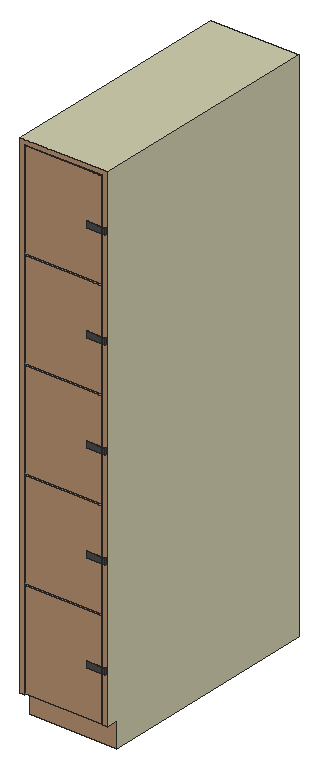
Revit family "Cabinet_Wenger_UltraStor_24", category Furniture, Revit 2015
Parameters (values of type "UltraStor Cabinet #24 - Comp Wood Doors")
  URL = "https://www.wengercorp.com/"
  Type Comments = ""
  Specification = "http://www.arcat.com/sdspecs/htm04/12_35_83wen.htm"
  Shelf Thickness = 0' - 1 1/8"
  Sales Information = "https://www.wengercorp.com/contact-us.php"
  Revision = "R1_2018-04"
  Rear Panel Thickness = 0' - 0 3/4"
  Product Data = "http://www.arcat.com/arcatcos/cos36/arc36487.html"
  Manufacturer Website = "https://www.wengercorp.com/"
  Manufacturer Phone - Toll Free = "800-4WENGER"
  Manufacturer Phone = "(507) 455-4100"
  Manufacturer Fax = "(507) 455-4258"
  Manufacturer Address = "555 Park Dr., Owatonna, MN 55060"
  Keynote = "12 35 83"
  HasDoors = yes
  Green Building-LEED = "http://www.arcat.com/green/clients/leed_data_36487.html"
  Drawn By = "Sumex Design, Inc. / Robert S. Weygant, CSI, CDT, SCIP"
  Door Width = (Cabinet Width - 0' 1 1/2")  # 1' - 0 7/8"
  Door Style = Door_Base : Solid Door
  Door Material [instance] = Wenger Cherry (Use Cherry Edge Band Only)
  Toe Kick Material [instance] = Wenger Cherry (Use Cherry Edge Band Only)
  RH End Panel [instance] = no
  Model = "#24"
  Manufacturer = "Wenger Corporation"
  LH End Panel [instance] = no
  End Panel Material [instance] = Wenger Cherry (Use Cherry Edge Band Only)
  Edge Banding Material [instance] = Wenger Cherry (Use Cherry Edge Band Only)
  Door Height = (Cabinet Height - 0' 4 3/4") / 5  # 1' - 4.175"
  Cost = 0
  Copyright = "© 2018 Arcat Inc."
  Construction Details = "http://www.arcat.com/details/wengerco/wengerco.html?coid=36487"
  Body Material [instance] = Wenger - Oyster
  Description = "Wenger UltraStor Cabinet #24 - Comp Wood Doors"
  Cabinet Width = 1' - 2 3/8"
  Cabinet Height = 7' - 1 5/8"
  Installed Depth = 3' - 3 1/4"
  Cabinet Panel Thickness = 0' - 0 3/4"
  Assembly Code = "E2010200"
Types (14): name | Rear Panel Thickness | HasDoors | Door Width | Door Style | Door Material | Model | Description | Cabinet Width | Installed Depth
  Acoustic Cabinet #24 - No Doors | 0' - 3 1/4" | no | 1' - 0 7/8" | Door_Base : Solid Door | none | "#24A" | "Wenger Acoustic Cabinet #24 - No Doors" | 1' - 2 3/8" | 3' - 5 3/4"
  Narrow Acoustic Cabinet #24 - No Doors | 0' - 3 1/4" | no | 0' - 9 7/8" | Door_Base : Solid Door | none | "#24NA" | "Wenger Narrow Acoustic Cabinet #24 - No Doors" | 0' - 11 3/8" | 3' - 5 3/4"
  Acoustic Cabinet #24 - Comp Grille Doors | 0' - 3 1/4" | yes | 1' - 0 7/8" | Door_Base : Bars | Painted Black | "#24A" | "Wenger Acoustic Cabinet #24 - Comp Grille Doors" | 1' - 2 3/8" | 3' - 5 3/4"
  Acoustic Cabinet #24 - Comp Waterfall Grille Doors | 0' - 3 1/4" | yes | 1' - 0 7/8" | Door_Base : Waterfall | Painted Black | "#24A" | "Wenger Acoustic Cabinet #24 - Comp Waterfall Grille Doors" | 1' - 2 3/8" | 3' - 5 3/4"
  Narrow Acoustic Cabinet #24 - Comp Waterfall Grille Doors | 0' - 3 1/4" | yes | 0' - 9 7/8" | Door_Base : Waterfall | Painted Black | "#24NA" | "Wenger Narrow Acoustic Cabinet #24 - Comp Waterfall Grille Doors" | 0' - 11 3/8" | 3' - 5 3/4"
  Narrow Acoustic Cabinet #24 - Comp Grille Doors | 0' - 3 1/4" | yes | 0' - 9 7/8" | Door_Base : Bars | Painted Black | "#24NA" | "Wenger Narrow Acoustic Cabinet #24 - Comp Grille Doors" | 0' - 11 3/8" | 3' - 5 3/4"
  Narrow UltraStor Cabinet #24 - No Doors | 0' - 0 3/4" | no | 0' - 9 7/8" | Door_Base : Solid Door | none | "#24N" | "Wenger Narrow Cabinet #24 - No Doors" | 0' - 11 3/8" | 3' - 3 1/4"
  UltraStor Cabinet #24 - Comp Wood Doors | 0' - 0 3/4" | yes | 1' - 0 7/8" | Door_Base : Solid Door | Wenger Cherry (Use Cherry Edge Band Only) | "#24" | "Wenger UltraStor Cabinet #24 - Comp Wood Doors" | 1' - 2 3/8" | 3' - 3 1/4"
  UltraStor Cabinet #24 - No Doors | 0' - 0 3/4" | no | 1' - 0 7/8" | Door_Base : Solid Door | none | "#24" | "Wenger UltraStor Cabinet #24 - No Doors" | 1' - 2 3/8" | 3' - 3 1/4"
  UltraStor Cabinet #24 - Comp Waterfall Grille Doors | 0' - 0 3/4" | yes | 1' - 0 7/8" | Door_Base : Waterfall | Painted Black | "#24" | "Wenger UltraStor Cabinet #24 - Comp Waterfall Grille Doors" | 1' - 2 3/8" | 3' - 3 1/4"
  Narrow UltraStor Cabinet #24 - Comp Wood Doors | 0' - 0 3/4" | yes | 0' - 9 7/8" | Door_Base : Solid Door | Wenger Cherry (Use Cherry Edge Band Only) | "#24N" | "Wenger Narrow Cabinet #24 - Comp Wood Doors" | 0' - 11 3/8" | 3' - 3 1/4"
  UltraStor Cabinet #24 - Comp Grille Doors | 0' - 0 3/4" | yes | 1' - 0 7/8" | Door_Base : Bars | Painted Black | "#24" | "Wenger UltraStor Cabinet #24 - Comp Grille Doors" | 1' - 2 3/8" | 3' - 3 1/4"
  Narrow UltraStor Cabinet #24 - Comp Waterfall Grille Doors | 0' - 0 3/4" | yes | 0' - 9 7/8" | Door_Base : Waterfall | Painted Black | "#24N" | "Wenger Narrow Cabinet #24 - Comp Waterfall Grille Doors" | 0' - 11 3/8" | 3' - 3 1/4"
  Narrow UltraStor Cabinet #24 - Comp Grille Doors | 0' - 0 3/4" | yes | 0' - 9 7/8" | Door_Base : Bars | Painted Black | "#24N" | "Wenger Narrow Cabinet #24 - Comp Grille Doors" | 0' - 11 3/8" | 3' - 3 1/4"
Reference planes (in)
  plane 1 "Front": y = 0
  plane 2: z = 0
  plane 3 "Left": x = 0
  plane 4 "Right": x = 14.375
  plane 5 "Back": y = 39.25
  plane 6 "Top": z = 85.625
  plane 7: z = 4
  plane 8: z = 20.175
  plane 9: z = 36.35
  plane 10: z = 52.525
  plane 11: z = 68.7
  plane 12: x = 0.75
  plane 13: x = 13.625
  plane 14: z = 84.875
  plane 15: x = 7.1875
  plane 16: y = 38.5
  plane 17: y = 2
  plane 18: y = 0.75
  plane 19: z = 21.3
  plane 20: z = 37.475
  plane 21: z = 53.65
  plane 22: z = 69.825
  plane 23: z = 5.125
Forms (in)
  Extrusion 1, solid, material "Wenger - Oyster" <- "Body Material"
    sketch origin (0, 0, 0) x (0, 1, 0) y (0, 0, 1)
      loop
        line (0, 85.625) -> (0, 4) -> (2, 4) -> (2, 0) -> (39.25, 0) -> (39.25, 85.625) -> (0, 85.625)
    from 0 to 14.375
  Extrusion 2, void
    sketch origin (0, 0, 0) x (0, 1, 0) y (0, 0, 1)
      loop
        line (-5.5, 84.875) -> (-5.5, 4) -> (0.75, 4)
        arc (0.75, 4) -> (1.15915, 4.80234) -> (2, 5.125) r 1.25694
        line (2, 5.125) -> (38.5, 5.125) -> (38.5, 20.175) -> (0.75, 20.175)
        arc (0.75, 20.175) -> (1.18296, 20.95088) -> (2, 21.3) r 1.375
        line (2, 21.3) -> (38.5, 21.3) -> (38.5, 36.35) -> (0.75, 36.35)
        arc (0.75, 36.35) -> (1.18296, 37.12588) -> (2, 37.475) r 1.375
        line (2, 37.475) -> (38.5, 37.475) -> (38.5, 52.525) -> (0.75, 52.525)
        arc (0.75, 52.525) -> (1.18296, 53.30088) -> (2, 53.65) r 1.375
        line (2, 53.65) -> (38.5, 53.65) -> (38.5, 68.7) -> (0.75, 68.7)
        arc (0.75, 68.7) -> (1.18296, 69.47588) -> (2, 69.825) r 1.375
        line (2, 69.825) -> (38.5, 69.825) -> (38.5, 84.875) -> (-5.5, 84.875)
    from 0.75 to 13.625
  Extrusion 3, void
    sketch origin (0, 0, 0) x (0, 1, 0) y (0, 0, 1)
      loop
        line (0, 84.875) -> (0, 4) -> (0.0625, 4) -> (0.0625, 84.875) -> (0, 84.875)
    from 0.75 to 13.625
Cuts and joins
  Extrusion 2, Extrusion 3 cuts Extrusion 1
Lines and regions (in)
  Masking region 1
    outline origin (0, 0, 0) x (1, 0, 0) y (0, 1, 0)
      loop
        line (0, 39.25) -> (0, 0) -> (14.375, 0) -> (14.375, 39.25) -> (0, 39.25)
Dimensions and locks (in)
  "Cabinet Panel Thickness": plane 3 "Left" to plane 12
  "Cabinet Panel Thickness": plane 13 to plane 4 "Right"
  "Cabinet Panel Thickness": plane 5 "Back" to plane 16
  locked: plane 1 "Front" to plane 18 at 0.75
  locked: plane 1 "Front" to plane 17 at 2
  "Shelf Thickness": plane 19 to plane 8
  "Shelf Thickness": plane 20 to plane 9
  "Shelf Thickness": plane 21 to plane 10
  "Shelf Thickness": plane 22 to plane 11
  "Cabinet Panel Thickness": plane 6 "Top" to plane 14
  equal spacing: plane 14, plane 11, plane 10, plane 9, plane 8, plane 7
  "Shelf Thickness": plane 23 to plane 7
  "Cabinet Width": plane 3 "Left" to plane 4 "Right"
  locked: plane 7 to level at 4
  "Cabinet Height": plane 6 "Top" to level
  "Installed Depth": plane 1 "Front" to plane 5 "Back"
  plane 3 "Left" to plane 4 "Right" = 1' - 2 3/8"
  equal spacing: plane 5 "Back", nested 2, plane 1 "Front"
  equal spacing: plane 12, plane 15, plane 13
  aligned and locked: Extrusion 1 sketch curve to plane 6 "Top"
  aligned and locked: Extrusion 1 sketch curve to plane 5 "Back"
  aligned and locked: Extrusion 1 sketch curve to plane 1 "Front"
  aligned and locked: Extrusion 1 sketch curve to plane 7
  aligned and locked: Extrusion 1 sketch curve to plane 17
  aligned and locked: Extrusion 1 sketch curve to level
  aligned and locked: Extrusion 1 to plane 4 "Right"
  aligned and locked: Extrusion 1 to plane 3 "Left"
  aligned and locked: Extrusion 2 sketch curve to plane 14
  aligned and locked: Extrusion 2 sketch curve to plane 16
  aligned and locked: Extrusion 2 sketch curve to plane 11
  aligned and locked: Extrusion 2 sketch curve to plane 21
  aligned and locked: Extrusion 2 sketch curve to plane 10
  aligned and locked: Extrusion 2 sketch curve to plane 20
  aligned and locked: Extrusion 2 sketch curve to plane 9
  aligned and locked: Extrusion 2 sketch curve to plane 19
  aligned and locked: Extrusion 2 sketch curve to plane 8
  aligned and locked: Extrusion 2 sketch curve to plane 23
  aligned and locked: Extrusion 2 sketch curve to plane 22
  aligned and locked: Extrusion 2 to plane 12
  aligned and locked: Extrusion 3 sketch curve to cut or joined group of Extrusion 1, Extrusion 2, Extrusion 3  (x3)
  aligned and locked: Extrusion 3 to plane 13
  aligned and locked: Extrusion 3 to plane 12
  aligned and locked: nested 3 to plane 12
  aligned and locked: nested 3 to plane 11
  aligned and locked: plane 14 to nested 3
  aligned and locked: plane 11 to cut or joined group of Extrusion 1, Extrusion 2, Extrusion 3
  aligned and locked: plane 11 to nested 4
  aligned and locked: nested 4 to plane 10
  aligned and locked: plane 10 to nested 5
  aligned and locked: nested 5 to plane 9
  aligned and locked: plane 9 to nested 6
  aligned and locked: nested 6 to plane 8
  aligned and locked: plane 8 to nested 7
  aligned and locked: nested 4 to plane 12
  aligned and locked: nested 5 to plane 12
  aligned and locked: nested 6 to plane 12
  aligned and locked: nested 7 to plane 12
  aligned and locked: plane 7 to cut or joined group of Extrusion 1, Extrusion 2, Extrusion 3
  aligned and locked: nested 7 to plane 7
  aligned and locked: plane 18 to Extrusion 2 sketch curve
  aligned and locked: plane 1 "Front" to nested 8
  aligned and locked: nested 8 to level
  aligned and locked: nested 8 to plane 4 "Right"
  aligned and locked: Masking region 1 sketch curve to plane 5 "Back"
  aligned and locked: Masking region 1 sketch curve to plane 1 "Front"
  aligned and locked: plane 3 "Left" to Masking region 1 sketch curve
  aligned and locked: plane 4 "Right" to Masking region 1 sketch curve
  aligned and locked: cut or joined group of Extrusion 1, Extrusion 2, Extrusion 3 to plane 13
  aligned and locked: plane 15 to nested 2
Automatic sketch dimensions
  plane 18 to Extrusion 3 sketch curve = 0' - 0 11/16"
  Extrusion 2 sketch curve to plane 7 = 0' - 0"
  Extrusion 2 sketch curve to plane 18 = 0' - 0"  (x4)
  Extrusion 2 sketch curve to plane 17 = 0' - 0"  (x5)
  Extrusion 2 sketch curve to plane 16 = 0' - 0"  (x4)
  plane 1 "Front" to Extrusion 2 sketch curve = 0' - 5 1/2"
  Extrusion 2 sketch curve to plane 17 = 0' - 0.10279"  (x4)
Nested families (in)
  nested 1: "End Panel" at (0, 24.25, 0) x (0, -1, 0) z (0, 0, 1), End Panel Material <- "End Panel Material", visible <- "LH End Panel", Edge Banding Material <- "Edge Banding Material", type "End Panel"
    with End Panel Material Wenger Cherry (Use Cherry Edge Band Only), Edge Banding Material Wenger Cherry (Use Cherry Edge Band Only), End Panel Depth 3' - 3 1/4"
  nested 2: "Labels" at (7.1875, 19.625, 0), type "Labels"
  nested 3: "Door_Base" at (7.1875, 0, 68.7) x (1, 0, 0) z (0, -1, 0), type <- "Door Style", Height <- "Door Height", Width <- "Door Width", visible <- "HasDoors", type "Solid Door", detail levels medium+fine
    with vBars 11, Width 1' - 0 7/8", ToeKick Height 0' - 4", MidBar no, Height 1' - 4.175", BarHt 1' - 3.675", 2HzBars no
  nested 4: "Door_Base" at (7.1875, 0, 52.525) x (1, 0, 0) z (0, -1, 0), type <- "Door Style", Height <- "Door Height", Width <- "Door Width", visible <- "HasDoors", type "Solid Door", detail levels medium+fine
    with vBars 11, Width 1' - 0 7/8", ToeKick Height 0' - 4", MidBar no, Height 1' - 4.175", BarHt 1' - 3.675", 2HzBars no
  nested 5: "Door_Base" at (7.1875, 0, 36.35) x (1, 0, 0) z (0, -1, 0), type <- "Door Style", Height <- "Door Height", Width <- "Door Width", visible <- "HasDoors", type "Solid Door", detail levels medium+fine
    with vBars 11, Width 1' - 0 7/8", ToeKick Height 0' - 4", MidBar no, Height 1' - 4.175", BarHt 1' - 3.675", 2HzBars no
  nested 6: "Door_Base" at (7.1875, 0, 20.175) x (1, 0, 0) z (0, -1, 0), type <- "Door Style", Height <- "Door Height", Width <- "Door Width", visible <- "HasDoors", type "Solid Door", detail levels medium+fine
    with vBars 11, Width 1' - 0 7/8", ToeKick Height 0' - 4", MidBar no, Height 1' - 4.175", BarHt 1' - 3.675", 2HzBars no
  nested 7: "Door_Base" at (7.1875, 0, 4) x (1, 0, 0) z (0, -1, 0), type <- "Door Style", Height <- "Door Height", Width <- "Door Width", visible <- "HasDoors", type "Solid Door", detail levels medium+fine
    with vBars 11, Width 1' - 0 7/8", ToeKick Height 0' - 4", MidBar no, Height 1' - 4.175", BarHt 1' - 3.675", 2HzBars no
  nested 8: "End Panel" at (15.125, 24.25, 0) x (0, -1, 0) z (0, 0, 1), End Panel Material <- "End Panel Material", Edge Banding Material <- "Edge Banding Material", visible <- "RH End Panel", type "End Panel"
    with End Panel Material Wenger Cherry (Use Cherry Edge Band Only), Edge Banding Material Wenger Cherry (Use Cherry Edge Band Only), End Panel Depth 3' - 3 1/4"
Definition of nested family "End Panel"
  Parameters (values of type "End Panel")
    End Panel Material [instance] = none
    End Panel Height = 7' - 1 5/8"
    End Panel Depth = 1' - 9 3/4"
    Edge Banding Material [instance] = none
    Default Elevation = 4' - 0"
    Assembly Code = ""
  Reference planes (in)
    plane 1 "Center (Front/Back)": y = 0
    plane 2: z = 0
    plane 3 "Center (Left/Right)": x = 0
    plane 4: x = -15
    plane 5: x = 6.75
    plane 6: z = 4
    plane 7: x = 4.75
    plane 8: z = 85.625
    plane 9: y = -0.75
  Forms (in)
    Extrusion 1, solid, material <- "End Panel Material"
      sketch origin (0, 0, 0) x (1, 0, 0) y (0, 0, 1)
        loop
          line (-15, 85.625) -> (-15, 0) -> (4.75, 0) -> (4.75, 4) -> (6.75, 4) -> (6.75, 85.625) -> (-15, 85.625)
      from 0 to 0.75
  Lines and regions (in)
    Masking region 1, detail levels coarse+medium
      outline origin (0, 0, 0) x (1, 0, 0) y (0, 1, 0)
        loop
          line (-15, 0) -> (-15, -0.75) -> (6.75, -0.75) -> (6.75, 0) -> (-15, 0)
  Dimensions and locks (in)
    locked: plane 7 to plane 5 at 2
    locked: plane 6 to level at 4
    "End Panel Height": plane 8 to level
    "End Panel Depth": plane 5 to plane 4
    locked: plane 9 to plane 1 "Center (Front/Back)" at 0.75
    aligned and locked: plane 4 to Extrusion 1 sketch curve
    aligned and locked: level to Extrusion 1 sketch curve
    aligned and locked: plane 7 to Extrusion 1 sketch curve
    aligned and locked: plane 6 to Extrusion 1 sketch curve
    aligned and locked: Extrusion 1 sketch curve to plane 5
    aligned and locked: Extrusion 1 sketch curve to plane 8
    aligned and locked: Extrusion 1 to plane 9
    aligned and locked: Extrusion 1 to plane 1 "Center (Front/Back)"
    aligned and locked: plane 4 to Masking region 1 sketch curve
    aligned and locked: Masking region 1 sketch curve to plane 5
    aligned and locked: plane 1 "Center (Front/Back)" to Masking region 1 sketch curve
    aligned and locked: plane 9 to Masking region 1 sketch curve
Definition of nested family "Door_Base"
  Parameters (values of type "None")
    vBars [instance] = (Width - 0' 2") / 0' 1"  # 6
    Width [instance] = 0' - 8"
    ToeKick Height [instance] = 0' - 4"
    Thickness = 0' - 0 3/4"
    Solid Door = no
    Shelf Thickness = 0' - 0 3/4"
    Panel Thickness = 0' - 0 3/4"
    MidBar [instance] = and(Height < 1' 6", HasDoor, not(Solid Door))  # no
    Height [instance] = 1' - 2 5/8"
    HasDoor = no
    Edge Banding = none
    DoorGap = 0' - 0 1/8"
    Door Finish = none
    Depth = 2' - 0"
    Default Elevation = 4' - 0"
    Bars = no
    BarStyle = Bars : Waterfall
    BarHt [instance] = Height - 0' 0 1/2"  # 1' - 2 1/8"
    2HzBars [instance] = and(Height > 1' 6", not(Solid Door))  # no
  Types (4): name | Thickness | Solid Door | MidBar | HasDoor | Bars | BarStyle
    Solid Door | 0' - 0 3/4" | yes | no | yes | no | Bars : Waterfall
    Bars | 0' - 0 1/4" | no | yes | yes | yes | Bars : Straight
    Waterfall | 0' - 0 3/4" | no | yes | yes | yes | Bars : Waterfall
    None | 0' - 0 3/4" | no | no | no | no | Bars : Waterfall
  Reference planes (in)
    plane 1 "Center (Front/Back)": y = 0
    plane 2: z = 0
    plane 3 "Center (Left/Right)": x = 0
    plane 4: x = -4
    plane 5: y = 14.625
    plane 6: x = 4
    plane 7: z = -0.75
    plane 8: x = -3.875
    plane 9: x = 3.875
    plane 10: y = 0.125
    plane 11: y = 14.5
    plane 12: y = -0.75
    plane 13 "CL Elev": y = 7.3125
    plane 14: x = -3.75
    plane 15: x = 3.75
    plane 16 "BtmRail": y = 0.25
    plane 17: y = 14.375
    plane 18: z = -0.125
    plane 19: x = -2.75
    plane 20: x = 2.75
    plane 21: y = 9.66667
    plane 22: y = 4.95833
  Forms (in)
    Extrusion 1, solid, material <- "Door Finish", visible <- "Solid Door", detail levels medium+fine
      sketch origin (0, 0, 0) x (1, 0, 0) y (0, 1, 0)
        loop
          arc (-3.75, 14.5) -> (-3.83839, 14.46339) -> (-3.875, 14.375) r 0.125
          line (-3.875, 14.375) -> (-3.875, 0.25)
          arc (-3.875, 0.25) -> (-3.83839, 0.16161) -> (-3.75, 0.125) r 0.125
          line (-3.75, 0.125) -> (3.75, 0.125)
          arc (3.75, 0.125) -> (3.83839, 0.16161) -> (3.875, 0.25) r 0.125
          line (3.875, 0.25) -> (3.875, 14.375)
          arc (3.875, 14.375) -> (3.83839, 14.46339) -> (3.75, 14.5) r 0.125
          line (3.75, 14.5) -> (-3.75, 14.5)
      from 0 to -0.75
    Sweep 2, solid, material <- "Door Finish", visible <- "Bars", detail levels medium+fine
      path origin (0, 0, 0) x (1, 0, 0) y (0, 1, 0)
        loop
          arc (-3.125, 14.5) -> (-3.65533, 14.28033) -> (-3.875, 13.75) r 0.75
          line (-3.875, 13.75) -> (-3.875, 0.875)
          arc (-3.875, 0.875) -> (-3.65533, 0.34467) -> (-3.125, 0.125) r 0.75
          line (-3.125, 0.125) -> (3.125, 0.125)
          arc (3.125, 0.125) -> (3.65533, 0.34467) -> (3.875, 0.875) r 0.75
          line (3.875, 0.875) -> (3.875, 13.75)
          arc (3.875, 13.75) -> (3.65533, 14.28033) -> (3.125, 14.5) r 0.75
          line (3.125, 14.5) -> (-3.125, 14.5)
      profile origin (0, 14.5, 0) x (0, 1, 0) y (0, 0, 1)
        loop
          circle (-0.125, -0.125) r 0.125
    Extrusion 3, solid, material <- "Door Finish", visible <- "MidBar", detail levels medium+fine
      sketch origin (0, 0, 0) x (0, 1, 0) y (0, 0, 1)
        loop
          circle (7.3125, -0.125) r 0.125
      from -3.75 to 3.75
    Extrusion 4, solid, visible <- "HasDoor", detail levels fine
      sketch origin (0, 0, 0) x (1, 0, 0) y (0, 1, 0)
        loop
          line (1.5, 7.8125) -> (1.5, 6.8125) -> (4.5, 6.8125) -> (4.5, 7.8125) -> (1.5, 7.8125)
      from 0 to 0.125
    Extrusion 5, solid, material <- "Door Finish", visible <- "2HzBars", detail levels medium+fine
      sketch origin (0, 0, 0) x (0, 1, 0) y (0, 0, 1)
        loop
          circle (9.66667, -0.125) r 0.125
        loop
          circle (4.95833, -0.125) r 0.125
      from -3.75 to 3.75
  Lines and regions (in)
    symbolic lines, visible <- "HasDoor", detail levels medium+fine
      curve 1: line (4, 0.25, 0) -> (-4, 0.25, 0)
      curve 2: line (-4, 0.25, 0) -> (-4, 0.25, 8)
      curve 3: arc (4, 0.25, 0) -> (1.65685, 0.25, 5.65685) -> (-4, 0.25, 8) r 8
    symbolic lines, visible <- "HasDoor"
      curve 4: line (3.875, 0.25, 0) -> (3.875, 0.25, -0.75)
      curve 5: line (3.875, 0.25, -0.75) -> (-3.875, 0.25, -0.75)
      curve 6: line (-3.875, 0.25, -0.75) -> (-3.875, 0.25, 0)
    symbolic lines, detail levels medium
      curve 7: line (3.875, 14.5, 0) -> (-3.875, 7.3125, 0)
      curve 8: line (-3.875, 7.3125, 0) -> (3.875, 0.125, 0)
  Dimensions and locks (in)
    "Height": plane 1 "Center (Front/Back)" to plane 5
    "Thickness": level to plane 7
    equal spacing: plane 4, plane 3 "Center (Left/Right)", plane 6
    "Width": plane 4 to plane 6
    "DoorGap": plane 5 to plane 11
    "DoorGap": plane 9 to plane 6
    "DoorGap": plane 4 to plane 8
    "DoorGap": plane 1 "Center (Front/Back)" to plane 10
    "Shelf Thickness": plane 1 "Center (Front/Back)" to plane 12
    equal spacing: plane 1 "Center (Front/Back)", plane 13 "CL Elev", plane 5
    locked: plane 15 to plane 9 at 0.125
    locked: plane 8 to plane 14 at 0.125
    locked: plane 11 to plane 17 at 0.125
    locked: plane 16 "BtmRail" to plane 10 at 0.125
    locked: level to plane 18 at 0.125
    plane 19 to plane 14 = 0' - 1"
    locked: plane 15 to plane 20 at 1
    Extrusion 4 sketch curve to plane 13 "CL Elev" to Extrusion 4 sketch curve = 0' - 0 1/2" locked, 0' - 0 1/2" locked
    locked: plane 6 to Extrusion 4 sketch curve at 0.5
    locked: Extrusion 4 sketch curve to plane 6 at 2.5
    locked: Extrusion 4 to level at 0.125
    equal spacing: group 1, group 3, group 4, group 5, group 6, group 2  (x3)
    equal spacing: plane 17, plane 21, plane 22, plane 16 "BtmRail"
    "Width": radius of curve 3
    aligned and locked: plane 2 to level
    aligned and locked: Extrusion 1 sketch curve to plane 11
    aligned and locked: plane 8 to Extrusion 1 sketch curve
    aligned and locked: Extrusion 1 sketch curve to plane 9
    aligned and locked: plane 10 to Extrusion 1 sketch curve
    aligned and locked: Extrusion 1 to plane 7
    aligned and locked: level to Extrusion 1
    aligned and locked: Sweep 2 sketch curve to plane 11
    aligned and locked: plane 8 to Sweep 2 sketch curve
    aligned and locked: plane 10 to Sweep 2 sketch curve
    aligned and locked: Sweep 2 sketch curve to plane 9
    aligned and locked: plane 15 to Extrusion 3
    aligned and locked: Extrusion 3 to plane 14
    aligned and locked: plane 20 to nested 2
    aligned and locked: plane 19 to nested 1
    aligned and locked: plane 21 to Extrusion 5 sketch curve
    aligned and locked: plane 18 to Extrusion 5 sketch curve  (x2)
    aligned and locked: plane 22 to Extrusion 5 sketch curve
    aligned and locked: Extrusion 5 to Extrusion 3  (x2)
    aligned and locked: plane 4 to curve 3  (x2)
    aligned and locked: level to curve 3
    aligned and locked: plane 7 to curve 5
    aligned and locked: Extrusion 1 to plane 8
    aligned and locked: plane 9 to Extrusion 1
    aligned and locked: plane 10 to curve 8
    aligned and locked: plane 9 to curve 8
    aligned and locked: plane 13 "CL Elev" to curve 8
    aligned and locked: plane 11 to curve 7
    aligned and locked: plane 9 to curve 7
  Automatic sketch dimensions
    plane 8 to Sweep 2 sketch curve = 0' - 0 3/4"  (x2)
    Sweep 2 sketch curve to plane 9 = 0' - 0 3/4"
    Sweep 2 sketch curve to Sweep 2 sketch curve = 0' - 0 3/4"
    Sweep 2 sketch curve to level = 0' - 0 1/8"
    profile plane to Sweep 2 sketch curve = 0' - 0 1/8"
    Extrusion 3 sketch curve to level = 0' - 0 1/8"
    Extrusion 3 sketch curve to plane 13 "CL Elev" = 0' - 0"
    curve 8 to plane 8 = 0' - 0"
    Extrusion 1 sketch curve to plane 14 = 0' - 0"  (x2)
    Extrusion 1 sketch curve to plane 15 = 0' - 0"  (x2)
    curve 5 to plane 9 = 0' - 0"
    curve 6 to plane 8 = 0' - 0"
    radius of Sweep 2 sketch curve = 0' - 0 1/8"
    radius of Extrusion 3 sketch curve = 0' - 0 1/8"
    radius of Extrusion 5 sketch curve = 0' - 0 1/8"  (x2)
  Nested families (in)
    nested 1: "Bars" at (-2.75, 0.25, -0.125) x (1, 0, 0) z (0, 1, 0), type <- "BarStyle", visible <- "Bars", type "Waterfall", detail levels fine
      with Lateral Deviation 0' - 1", Height 1' - 2 1/8"
    nested 2: "Bars" at (2.75, 0.25, -0.125) x (1, 0, 0) z (0, 1, 0), type <- "BarStyle", visible <- "Bars", type "Waterfall", detail levels fine
      with Lateral Deviation 0' - 1", Height 1' - 2 1/8"
    nested 3: "Bars" at (-1.65, 0.25, -0.125) x (1, 0, 0) z (0, 1, 0), type <- "BarStyle", visible <- "Bars", type "Waterfall", detail levels fine
      with Lateral Deviation 0' - 1", Height 1' - 2 1/8"
    nested 4: "Bars" at (-0.55, 0.25, -0.125) x (1, 0, 0) z (0, 1, 0), type <- "BarStyle", visible <- "Bars", type "Waterfall", detail levels fine
      with Lateral Deviation 0' - 1", Height 1' - 2 1/8"
    nested 5: "Bars" at (0.55, 0.25, -0.125) x (1, 0, 0) z (0, 1, 0), type <- "BarStyle", visible <- "Bars", type "Waterfall", detail levels fine
      with Lateral Deviation 0' - 1", Height 1' - 2 1/8"
    nested 6: "Bars" at (1.65, 0.25, -0.125) x (1, 0, 0) z (0, 1, 0), type <- "BarStyle", visible <- "Bars", type "Waterfall", detail levels fine
      with Lateral Deviation 0' - 1", Height 1' - 2 1/8"
  Definition of nested family "Bars"
    Parameters (values of type "Straight")
      WaterFall = no
      Straight = yes
      Lateral Deviation = 0' - 1 1/2"
      Height = 1' - 2 5/8"
      Default Elevation = 4' - 0"
      Bars = none
    Types (3): name | WaterFall | Straight
      (no name) | no | yes
      Waterfall | yes | no
      Straight | no | yes
    Reference planes (in)
      plane 1 "Center (Front/Back)": y = 0
      plane 2: z = 0
      plane 3 "Center (Left/Right)": x = 0
      plane 4: z = 14.625
      plane 5: z = 7.3125
      plane 6: x = 0.75
      plane 7: x = -0.75
      plane 8: z = 10.96875
      plane 9: z = 3.65625
    Forms (in)
      Sweep 1, solid, material <- "Bars", visible <- "WaterFall"
        path origin (0, 0, 0) x (1, 0, 0) y (0, 0, 1)
          loop
            arc (0, 0) -> (0.56057, 1.79006) -> (0.75, 3.65625) r 9.28711
            arc (0.75, 3.65625) -> (0.56057, 5.52244) -> (0, 7.3125) r 9.28711
        profile origin (0.56057, 0, 1.79006) x (-0.979603, 0, 0.200944) y (0, -1, 0)
          loop
            circle (0, 0) r 0.0625
      Sweep 2, solid, material <- "Bars", visible <- "WaterFall"
        path origin (0, 0, 14.625) x (-1, 0, 0) y (0, 0, -1)
          loop
            arc (0, 0) -> (0.56057, 1.79006) -> (0.75, 3.65625) r 9.28711
            arc (0.75, 3.65625) -> (0.56057, 5.52244) -> (0, 7.3125) r 9.28711
        profile origin (-0.56057, 0, 12.83494) x (0.979603, 0, -0.200944) y (0, -1, 0)
          loop
            circle (0, 0) r 0.0625
      Extrusion 3, solid, material <- "Bars", visible <- "Straight"
        sketch origin (0, 0, 0) x (1, 0, 0) y (0, 1, 0)
          loop
            circle (0, 0) r 0.0625
        from 0 to 14.625
    Dimensions and locks (in)
      "Height": plane 4 to level
      equal spacing: plane 6, plane 3 "Center (Left/Right)", plane 7
      "Lateral Deviation": plane 6 to plane 7
      equal spacing: plane 4, plane 8, plane 5, plane 9, level
      aligned and locked: plane 2 to level
      aligned and locked: plane 3 "Center (Left/Right)" to Sweep 1 sketch curve  (x2)
      aligned and locked: level to Sweep 1 sketch curve
      aligned and locked: plane 6 to Sweep 1 sketch curve
      aligned and locked: plane 9 to Sweep 1 sketch curve
      aligned and locked: plane 4 to Sweep 2 sketch curve
      aligned and locked: plane 3 "Center (Left/Right)" to Sweep 2 sketch curve  (x2)
      aligned and locked: plane 8 to Sweep 2 sketch curve
      aligned and locked: plane 7 to Sweep 2 sketch curve
      aligned and locked: plane 5 to Sweep 2 sketch curve
      aligned and locked: plane 4 to Extrusion 3
      aligned and locked: Extrusion 3 to level
    Automatic sketch dimensions
      plane 1 "Center (Front/Back)" to Sweep 1 sketch curve = 0' - 0"
      Sweep 1 sketch curve to profile plane = 0' - 0"
      Sweep 1 sketch curve to Sweep 1 sketch curve = 0' - 0"
      Sweep 2 sketch curve to plane 1 "Center (Front/Back)" = 0' - 0"
      Sweep 2 sketch curve to profile plane = 0' - 0"
      plane 1 "Center (Front/Back)" to Extrusion 3 sketch curve = 0' - 0"
      Extrusion 3 sketch curve to plane 3 "Center (Left/Right)" = 0' - 0"
      radius of Sweep 1 sketch curve = 0' - 0 1/16"
      radius of Sweep 2 sketch curve = 0' - 0 1/16"
      radius of Extrusion 3 sketch curve = 0' - 0 1/16"
Definition of nested family "Labels"
  Parameters
    Cabinet Label = "01"
  Reference planes (in)
    plane 1: y = 0
    plane 2: x = 0
  Text (in)
    label "xxxx" at (-0.00018, 0.00754, 0), shows "Cabinet Label"
